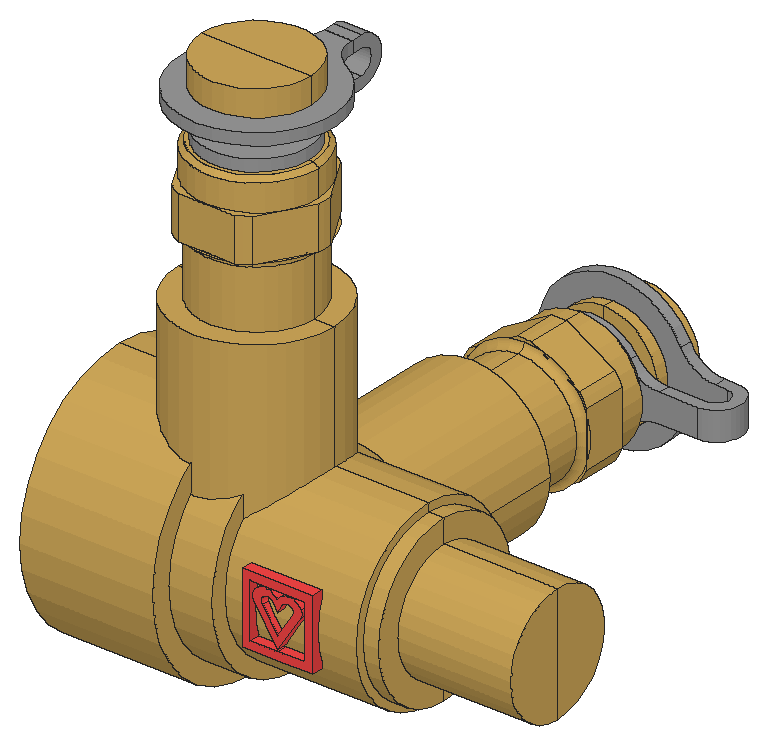
Revit family "HERZ измерительная диафрагма 4000", category Rohrzubehör, Revit 2020
Family settings
  Bemaßung runder Anschluss = Durchmesser verwenden
  Teiletyp = Unterbricht
  OmniClass-Nummer = 23.65.55.14
  OmniClass-Titel = Valves for Liquid Services
  Arbeitsebenenbasiert = Nein
  Immer vertikal = Ja
  Beim Laden mit Abzugskörper schneiden = Nein
  Gemeinsam genutzt = Nein
Parameters
  Среда = "Качество теплоносителя в соответствии с ÖNORM H5195 и VDI 2035.\r\nДопускается использование этилен- и пропиленгликоля в объемном соотношении 25-50 % с водой."
  Применение = "HERZ-измерительные диафрагмы устанавливаются на участках трубопроводов в системах отопления и холодоснабжения.\r\nИзмерительные диафрагмы могут устанавливаться как на подающей, так и на обратной линиях.\r\nОни устанавливаются либо вплотную к HERZ балансировочному клапану, образуя комплект, либо используются вместе с HERZ запорным клапаном.\r\nУчастки балансируются с помощью настроек балансировочного клапана при измерении потери давления на измерительной диафрагме."
  Номер заказа [instance] = size_lookup("4000_", "Artnr", 0, Nennweite)  # 1400001
  Мин. рабочая температура = -20 °C  # constant formula
  Макс. рабочее давление = 2000000.0 Pa  # constant formula
  Корпус = "латунь, CC770S"  # constant formula
  Исполнение = "Корпус измерительной диафрагмы выполнен из латуни, устойчивой к селективной цинковой коррозии.\r\nДва измерительных клапана встроены в диафрагму.\r\nСогласно EN 10226 на входе в диафрагму - муфта с внутренней резьба Rp и на выходе - наружная резьба R."
  kvs-значения [instance] = if(Nennweite = 15.00 mm, 2.2, if(Nennweite = 20.00 mm, 4.25, if(Nennweite = 25.00 mm, 8.6, if(Nennweite = 32.00 mm, 15.9, if(Nennweite = 40.00 mm, 23.7, if(Nennweite = 50.00 mm, 48, 0))))))  # 2.2
  Vorgabe-Ansicht = 0.00 mm
  URL = "www.herz-armaturen.ru"
  SCRNSEQ = "AWI;AWI_TYP=\"1001\";02"
  SCRNCODE = "02;01;02"  # constant formula
  S03 = 10.00 mm  # constant formula
  S02 [instance] = S01 - 10.00 mm  # 17.50 mm
  S01 [instance] = H01  # 27.50 mm
  R01 [instance] = size_lookup("4000_", "R1", 1.00 mm, Nennweite)  # 10.00 mm
  Nennweite [instance] = 15.00 mm
  Измерительные клапаны = "латунь, CW602N"  # constant formula
  Макс. рабочая температура (до DN32) = 130 °C  # constant formula
  Макс. рабочая температура (от DN40) = 110 °C  # constant formula
  LO01 [instance] = if(Nennweite = 15.00 mm, 30.00 mm, if(Nennweite = 20.00 mm, 32.00 mm, if(Nennweite = 25.00 mm, 37.00 mm, if(Nennweite = 32.00 mm, 42.00 mm, if(Nennweite = 40.00 mm, 42.00 mm, if(Nennweite = 50.00 mm, 45.00 mm, 0.00 mm))))))  # 30.00 mm
  L05 [instance] = size_lookup("4000_", "L5", 1.00 mm, Nennweite)  # 23.00 mm
  L04 [instance] = size_lookup("4000_", "L4", 1.00 mm, Nennweite)  # 16.50 mm
  L03 [instance] = size_lookup("4000_", "L3", 1.00 mm, Nennweite)  # 22.60 mm
  L02 [instance] = size_lookup("4000_", "L2", 1.00 mm, Nennweite)  # 17.00 mm
  L01 [instance] = size_lookup("4000_", "L1", 1.00 mm, Nennweite)  # 17.50 mm
  L00 [instance] = size_lookup("4000_", "L", 1.00 mm, Nennweite)  # 56.00 mm
  IG [instance] = Nennweite / 2  # 7.50 mm
  Hersteller = "HERZ Armaturen Ges.m.b.H."  # constant formula
  H01 [instance] = size_lookup("4000_", "H1", 1.00 mm, Nennweite)  # 27.50 mm
  GT1 [instance] = size_lookup("4000_", "GT1", 1.00 mm, Nennweite)  # 14.50 mm
  GT [instance] = size_lookup("4000_", "GT", 1.00 mm, Nennweite)  # 13.00 mm
  D04 [instance] = D03 - 1.00 mm  # 10.50 mm
  D03 [instance] = size_lookup("4000_", "D3", 1.00 mm, Nennweite)  # 11.50 mm
  D02 [instance] = size_lookup("4000_", "D2", 1.00 mm, Nennweite)  # 13.50 mm
  D01 [instance] = size_lookup("4000_", "D1", 1.00 mm, Nennweite)  # 16.00 mm
  AG [instance] = Nennweite / 2  # 7.50 mm
Reference planes
  plane 1 "Mitte (Vorne/hinten)": y = 0
  plane 2: z = 0
  plane 3 "Mitte (Links/rechts)": x = 0
Forms (mm)
  Revolve 1, solid, material "Messing, weicher Gelbton, geschweißt", detail levels fine
    sketch origin (0, 0, 0) x (1, 0, 0) y (0, 0, 1)
      loop
        line (-4.5, 0) -> (38.5, 0) -> (38.5, 7.5) -> (24, 7.5) -> (24, 10.5) -> (22, 10.5) -> (22, 11.5) -> (5.1, 11.5) -> (5.1, 13.5) -> (-0.5, 13.5) -> (-0.5, 16) -> (-17.5, 16) -> (-17.5, 7.5) -> (-4.5, 7.5) -> (-4.5, 0)
      axis (-17.5, 0) -> (38.5, 0)
    angle from 0 to 360
  Revolve 2, solid, material "Messing, weicher Gelbton, geschweißt", detail levels fine
    sketch origin (0, 0, 0) x (1, 0, 0) y (0, 0, 1)
      loop
        line (-10, 7.5) -> (0, 7.5) -> (0, 27.5) -> (-10, 27.5) -> (-10, 7.5)
      axis (0, 27.5) -> (0, 7.5)
    angle from 0 to 360
  Revolve 3, solid, material "Messing, weicher Gelbton, geschweißt", detail levels fine
    sketch origin (0, 0, 0) x (1, 0, 0) y (0, 1, 0)
      loop
        line (5.5, 7.5) -> (15.5, 7.5) -> (15.5, 27.5) -> (5.5, 27.5) -> (5.5, 7.5)
      axis (5.5, 27.5) -> (5.5, 7.5)
    angle from 0 to 360
Lines and regions (mm)
  model lines, detail levels coarse+medium
    curve 1: line (-17.5, 0, 0) -> (0.5, 0, 0)
    curve 2: line (10.5, 0, -27.5) -> (10.5, 0, 27.5)
    curve 3: line (20.5, 0, 17.5) -> (20.5, 0, -17.5)
    curve 4: line (20.5, 0, 0) -> (38.5, 0, 0)
    curve 5: line (0.5, 0, 17.5) -> (0.5, 0, -17.5)
    curve 6: line (-17.5, 0, 0) -> (0.5, 0, 0)
    curve 7: line (10.5, 27.5, 0) -> (10.5, -27.5, 0)
    curve 8: line (0.5, 17.5, 0) -> (0.5, -17.5, 0)
    curve 9: line (20.5, 17.5, 0) -> (20.5, -17.5, 0)
    curve 10: line (20.5, 0, 0) -> (38.5, 0, 0)
Dimensions and locks
  "L00": Revolve 1 sketch curve to Revolve 1 sketch curve
  "GT": Revolve 1 sketch curve to Revolve 1 sketch curve
  "L01": plane 3 "Mitte (Links/rechts)" to Revolve 1 sketch curve
  "GT1": Revolve 1 sketch curve to Revolve 1 sketch curve
  "L02": Revolve 1 sketch curve to Revolve 1 sketch curve
  "L03": Revolve 1 sketch curve to Revolve 1 sketch curve
  "L04": Revolve 1 sketch curve to Revolve 1 sketch curve
  "AG": Revolve 1 sketch curve to plane 2
  "IG": Revolve 1 sketch curve to plane 2
  "D01": Revolve 1 sketch curve to plane 2
  "D02": Revolve 1 sketch curve to plane 2
  "D03": Revolve 1 sketch curve to plane 2
  "D04": Revolve 1 sketch curve to plane 2
  "D03": nested 1 to plane 1 "Mitte (Vorne/hinten)"
  "LO01": Revolve 1 to nested 1
  "IG": Revolve 2 sketch curve to plane 2
  "H01": Revolve 2 sketch curve to plane 2
  "R01": plane 3 "Mitte (Links/rechts)" to Revolve 2 sketch curve
  "H01": nested 2 to plane 2
  "IG": plane 1 "Mitte (Vorne/hinten)" to Revolve 3 sketch curve
  "H01": plane 1 "Mitte (Vorne/hinten)" to Revolve 3 sketch curve
  "R01": Revolve 3 sketch curve to Revolve 3 sketch curve
  "L05": Revolve 1 to Revolve 3 sketch curve  (x2)
  "H01": plane 1 "Mitte (Vorne/hinten)" to nested 3
  "L05": Revolve 1 to nested 3
  "L01": Revolve 1 to nested 2
  "S01": curve 2 to curve 4 to curve 2
  "L00": curve 1 to curve 4
  "S02": curve 3 to curve 4 to curve 3
  "S03": curve 2 to curve 3
  "S03": curve 2 to curve 5
  equal spacing: curve 4, curve 2, curve 1
  "S02": curve 5 to curve 1 to curve 5
  "L01": plane 3 "Mitte (Links/rechts)" to curve 1
  "L00": curve 6 to curve 10
  equal spacing: curve 6, curve 7, curve 10
  "S03": curve 8 to curve 7 to curve 9
  "S02": curve 9 to curve 10 to curve 9
  "S02": curve 8 to curve 6 to curve 8
  "S01": curve 7 to curve 10 to curve 7
  "L01": curve 6 to plane 3 "Mitte (Links/rechts)"
  aligned and locked: level to plane 2
Automatic sketch dimensions
  curve 4 to level = 0.00 mm
  curve 1 to level = 0.00 mm
  plane 1 "Mitte (Vorne/hinten)" to curve 10 = 0.00 mm
  plane 1 "Mitte (Vorne/hinten)" to curve 6 = 0.00 mm
  Revolve 1 sketch curve to level = 0.00 mm  (x2)
  Revolve 1 sketch curve to Revolve 1 sketch curve = 1489.03 mm
  Revolve 1 sketch curve to Revolve 1 sketch curve = 1800.648 mm
  Revolve 2 sketch curve to plane 3 "Mitte (Links/rechts)" = 0.00 mm  (x2)
  Revolve 2 sketch curve to level = 366.045 mm
  Revolve 2 sketch curve to Revolve 2 sketch curve = 2186.815 mm
  Revolve 3 sketch curve to Revolve 3 sketch curve = 0.00 mm  (x2)
Nested families
  nested 1: "Herz-Logo-vorne" at (12.5, -11.5, 0) x (0, 1, 0) z (0, 0, 1), type "Herz-Logo-vorne", detail levels fine
  nested 2: "Messstutzen_Band_Eintritt_senkrecht_(oben)" at (0, 0, 18.5), type "Messstutzen_Band_Eintritt_senkrecht_(oben)", detail levels fine
    with Schutzkappe yes, Nennweite 0.00 mm, Gewicht 0.00 kg, Bestellnummer 0
  nested 3: "Messstutzen_Band_Austritt_waagrecht" at (5.5, 18.5, 0) x (0, -1, 0) z (0, 0, 1), type "Messstutzen_Band_Austritt_waagrecht", detail levels fine
    with Schutzkappe yes, Nennweite 0.00 mm, Gewicht 0.00 kg, Bestellnummer 0
Connectors
  piping at (-4.5, 0, 0), diameter 15, driven by "Nennweite"
    settings: on Revolve 1, index 1, connector inside diameter 609.6 mm, connector length 0.00 mm, flow factor 0, pipe flow 0.0 L/s, pressure drop 0.0 Pa, fitting loss kfactor 0, connector angle 0.00°, fixture units 0, engagement length 0.00 mm, angle of deflection 0.00°, flow configuration 0, flow direction 1, fitting loss method 0, system type 29, joint type 0, gender type 0, connector reference index -1, connector utility 0, adjustable connector no, is connector primary yes, connector description ""
  piping at (38.5, 0, 0), diameter 15, driven by "Nennweite"
    settings: on Revolve 1, index 2, connector inside diameter 609.6 mm, connector length 0.00 mm, flow factor 0, pipe flow 0.0 L/s, pressure drop 0.0 Pa, fitting loss kfactor 0, connector angle 0.00°, fixture units 0, engagement length 0.00 mm, angle of deflection 0.00°, flow configuration 0, flow direction 2, fitting loss method 0, system type 29, joint type 0, gender type 0, connector reference index -1, connector utility 0, adjustable connector no, is connector primary no, connector description ""
Definition of nested family "Herz-Logo-vorne"
  Parameters (values of type "Herz-Logo-vorne")
    Default Elevation = 0.00 mm
  Reference planes
    plane 1 "Mitte (Vorne/hinten)": y = 0
    plane 2: z = 0
    plane 3 "Mitte (Links/rechts)": x = 0
  Forms (mm)
    Extrusion 1, solid
      sketch origin (0.732, -0.018, 0.017) x (0, -1, 0) y (0, 0, 1)
        loop
          line (-0.018, -4.517) -> (4.482, -4.517) -> (4.482, 4.483) -> (-4.518, 4.483) -> (-4.518, -4.517) -> (-0.018, -4.517)
        loop
          line (-0.05, -3.48) -> (3.482, -3.48) -> (3.482, 3.483) -> (-3.518, 3.483) -> (-3.518, -3.48) -> (-0.05, -3.48)
        loop
          arc (-0.018, 2.383) -> (-1.543, 3.287) -> (-3.067, 2.383) r 1.738
          arc (-3.067, 2.383) -> (-3.191, 1.899) -> (-3.067, 1.415) r 1.009
          line (-3.067, 1.415) -> (-0.018, -3.281) -> (3.032, 1.415)
          arc (3.032, 1.415) -> (3.156, 1.899) -> (3.032, 2.383) r 1.009
          arc (3.032, 2.383) -> (1.507, 3.287) -> (-0.018, 2.383) r 1.738
        loop
          arc (1.885, 1.272) -> (2.005, 1.675) -> (1.885, 2.079) r 0.74
          arc (1.885, 2.079) -> (1.265, 2.416) -> (0.644, 2.079) r 0.74
          line (0.644, 2.079) -> (-0.018, 0.97) -> (-0.679, 2.079)
          arc (-0.679, 2.079) -> (-1.3, 2.416) -> (-1.921, 2.079) r 0.74
          arc (-1.921, 2.079) -> (-2.04, 1.675) -> (-1.921, 1.272) r 0.74
          line (-1.921, 1.272) -> (-0.018, -1.658) -> (1.885, 1.272)
      from 0 to 1.5
  Dimensions and locks
    aligned and locked: level to plane 2
Definition of nested family "Messstutzen_Band_Eintritt_senkrecht_(oben)"
  Parameters (values of type "Messstutzen_Band_Eintritt_senkrecht_(oben)")
    Default Elevation = 0.00 mm
    URL = "www.herz-armaturen.at"
    Schutzkappe [instance] = yes
    Nennweite [instance] = 0.00 mm
    Manufacturer = "Herz Armaturen GmbH"  # constant formula
    Gewicht [instance] = 0.00 kg
    Bestellnummer [instance] = 0
  Reference planes
    plane 1 "Mitte (Vorne/hinten)": y = 0
    plane 2: z = 0
    plane 3 "Mitte (Links/rechts)": x = 0
    plane 4 "Schlaufe 1": z = -27
    plane 5 "Schlaufe 2": z = -31.678
  Forms (mm)
    Revolve 1, solid, detail levels fine
      sketch origin (0, 0, 0) x (1, 0, 0) y (0, 0, 1)
        loop
          line (-7.4, 9) -> (-5.55, 9) -> (-5.55, 6)
          arc (-5.55, 6) -> (-5.626, 5.617) -> (-5.843, 5.293) r 1
          line (-5.843, 5.293) -> (-6.455, 4.681) -> (-6.455, 0.9) -> (-5.555, 0) -> (-2, 0) -> (-2, 17.5) -> (-8.4, 17.5)
          arc (-8.4, 17.5) -> (-7.693, 17.207) -> (-7.4, 16.5) r 1
          line (-7.4, 16.5) -> (-7.4, 9)
        loop
          line (-3.7, 27) -> (-7.3, 27) -> (-7.9, 26.4) -> (-7.9, 23) -> (-2, 23) -> (-2, 35.8) -> (-3.805, 35.8) -> (-4.415, 35.19) -> (-4.415, 30.863) -> (-3.7, 30.45) -> (-3.7, 27)
        axis (0, 0) -> (0, 35.8)
      angle from 0 to 360
    Extrusion 2, solid, detail levels fine
      sketch origin (0, 0, 17.5) x (0, 1, 0) y (-1, 0, 0)
        loop
          arc (-7.07, 5.156) -> (-7.578, 4.375) -> (-8, 3.544) r 8.75
          line (-8, 3.544) -> (-8, -3.544)
          arc (-8, -3.544) -> (-7.578, -4.375) -> (-7.07, -5.156) r 8.75
          line (-7.07, -5.156) -> (-0.93, -8.7)
          arc (-0.93, -8.7) -> (0, -8.75) -> (0.93, -8.7) r 8.75
          line (0.93, -8.7) -> (7.07, -5.156)
          arc (7.07, -5.156) -> (7.578, -4.375) -> (8, -3.544) r 8.75
          line (8, -3.544) -> (8, 3.544)
          arc (8, 3.544) -> (7.578, 4.375) -> (7.07, 5.156) r 8.75
          line (7.07, 5.156) -> (0.93, 8.7)
          arc (0.93, 8.7) -> (0, 8.75) -> (-0.93, 8.7) r 8.75
          line (-0.93, 8.7) -> (-7.07, 5.156)
      from 0 to 5.5
    Revolve 3, solid, visible <- "Schutzkappe", detail levels fine
      sketch origin (0, 0, 0) x (1, 0, 0) y (0, 0, 1)
        loop
          line (0, 35.878) -> (0, 36.678) -> (-7, 36.678) -> (-7, 33.378) -> (-6.1, 33.378) -> (-6.1, 31.678) -> (-6.9, 31.678) -> (-6.9, 30.178) -> (-4.415, 30.178) -> (-4.415, 35.268) -> (-3.805, 35.878) -> (0, 35.878)
        axis (0, 30.178) -> (0, 36.678)
      angle from 0 to 360
    Extrusion 4, solid, detail levels fine
      sketch origin (0, 0, 28.5) x (1, 0, 0) y (0, 1, 0)
        loop
          circle (0, 0) r 3.7
        loop
          arc (-3.906, 5.505) -> (0, -6.75) -> (3.906, 5.505) r 6.75
          arc (3.906, 5.505) -> (2.358, 7.288) -> (1.8, 9.582) r 5
          line (1.8, 9.582) -> (-1.8, 9.582)
          arc (-1.8, 9.582) -> (-2.358, 7.288) -> (-3.906, 5.505) r 5
      from 0 to -1.5
    Extrusion 5, solid, detail levels fine
      sketch origin (0, 0, 33.178) x (1, 0, 0) y (0, 1, 0)
        loop
          circle (0, 0) r 6.1
        loop
          arc (-4.495, 8.652) -> (0, -9.75) -> (4.495, 8.652) r 9.75
          arc (4.495, 8.652) -> (2.527, 10.493) -> (1.8, 13.089) r 5
          line (1.8, 13.089) -> (-1.8, 13.089)
          arc (-1.8, 13.089) -> (-2.527, 10.493) -> (-4.495, 8.652) r 5
      from 0 to -1.5
    Sweep 6, solid, detail levels fine
      path origin (0, 0, 0) x (0, 0, -1) y (0, -1, 0)
        loop
          line (-27.75, -9.582) -> (-27.75, -14.522)
          arc (-27.75, -14.522) -> (-30.089, -16.862) -> (-32.428, -14.522) r 2.339
          line (-32.428, -14.522) -> (-32.428, -13.089)
      profile origin (0, 12.052, 27.75) x (0, 0, 1) y (1, 0, 0)
        loop
          line (-0.75, -1.8) -> (0.75, -1.8) -> (0.75, 1.8) -> (-0.75, 1.8) -> (-0.75, -1.8)
  Dimensions and locks
    aligned and locked: level to plane 2
Definition of nested family "Messstutzen_Band_Austritt_waagrecht"
  Parameters (values of type "Messstutzen_Band_Austritt_waagrecht")
    Default Elevation = 0.00 mm
    URL = "www.herz-armaturen.at"
    Schutzkappe [instance] = yes
    Nennweite [instance] = 0.00 mm
    Manufacturer = "Herz Armaturen GmbH"  # constant formula
    Gewicht [instance] = 0.00 kg
    Bestellnummer [instance] = 0
  Reference planes
    plane 1 "Mitte (Vorne/hinten)": y = 0
    plane 2: z = 0
    plane 3 "Mitte (Links/rechts)": x = 0
  Forms (mm)
    Revolve 1, solid, detail levels fine
      sketch origin (0, 0, 0) x (0, 0, -1) y (1, 0, 0)
        loop
          line (-7.4, -9) -> (-7.4, -16.5)
          arc (-7.4, -16.5) -> (-7.693, -17.207) -> (-8.4, -17.5) r 1
          line (-8.4, -17.5) -> (-2, -17.5) -> (-2, 0) -> (-5.555, 0) -> (-6.455, -0.9) -> (-6.455, -4.681) -> (-5.843, -5.293)
          arc (-5.843, -5.293) -> (-5.626, -5.617) -> (-5.55, -6) r 1
          line (-5.55, -6) -> (-5.55, -9) -> (-7.4, -9)
        loop
          line (-3.7, -27) -> (-3.7, -30.45) -> (-4.415, -30.863) -> (-4.415, -35.19) -> (-3.805, -35.8) -> (-2, -35.8) -> (-2, -23) -> (-7.9, -23) -> (-7.9, -26.4) -> (-7.3, -27) -> (-3.7, -27)
        axis (0, 0) -> (0, -35.8)
      angle from 0 to 360
    Extrusion 2, solid, detail levels fine
      sketch origin (-17.5, 0, 0) x (0, 0, 1) y (0, 1, 0)
        loop
          line (5.156, -7.07) -> (8.7, -0.93)
          arc (8.7, -0.93) -> (8.75, 0) -> (8.7, 0.93) r 8.75
          line (8.7, 0.93) -> (5.156, 7.07)
          arc (5.156, 7.07) -> (4.375, 7.578) -> (3.544, 8) r 8.75
          line (3.544, 8) -> (-3.544, 8)
          arc (-3.544, 8) -> (-4.375, 7.578) -> (-5.156, 7.07) r 8.75
          line (-5.156, 7.07) -> (-8.7, 0.93)
          arc (-8.7, 0.93) -> (-8.75, 0) -> (-8.7, -0.93) r 8.75
          line (-8.7, -0.93) -> (-5.156, -7.07)
          arc (-5.156, -7.07) -> (-4.375, -7.578) -> (-3.544, -8) r 8.75
          line (-3.544, -8) -> (3.544, -8)
          arc (3.544, -8) -> (4.375, -7.578) -> (5.156, -7.07) r 8.75
      from 0 to 5.5
    Revolve 3, solid, visible <- "Schutzkappe", detail levels fine
      sketch origin (0, 0, 0) x (0, 0, -1) y (1, 0, 0)
        loop
          line (0, -35.878) -> (-3.805, -35.878) -> (-4.415, -35.268) -> (-4.415, -30.178) -> (-6.9, -30.178) -> (-6.9, -31.678) -> (-6.1, -31.678) -> (-6.1, -33.378) -> (-7, -33.378) -> (-7, -36.678) -> (0, -36.678) -> (0, -35.878)
        axis (0, -30.178) -> (0, -36.678)
      angle from 0 to 360
    Extrusion 4, solid, detail levels fine
      sketch origin (-27, 0, 0) x (0, 1, 0) y (0, 0, 1)
        loop
          circle (0, 0) r 3.7
        loop
          arc (5.505, 3.906) -> (-6.75, 0) -> (5.505, -3.906) r 6.75
          arc (5.505, -3.906) -> (7.288, -2.358) -> (9.582, -1.8) r 5
          line (9.582, -1.8) -> (9.582, 1.8)
          arc (9.582, 1.8) -> (7.288, 2.358) -> (5.505, 3.906) r 5
      from 0 to -1.5
    Extrusion 5, solid, detail levels fine
      sketch origin (-31.678, 0, 0) x (0, 1, 0) y (0, 0, 1)
        loop
          circle (0, 0) r 6.1
        loop
          arc (8.652, 4.495) -> (-9.75, 0) -> (8.652, -4.495) r 9.75
          arc (8.652, -4.495) -> (10.493, -2.527) -> (13.089, -1.8) r 5
          line (13.089, -1.8) -> (13.089, 1.8)
          arc (13.089, 1.8) -> (10.493, 2.527) -> (8.652, 4.495) r 5
      from 0 to -1.5
    Sweep 6, solid, detail levels fine
      path origin (0, 0, 0) x (0, -1, 0) y (1, 0, 0)
        loop
          line (-9.582, -27.75) -> (-14.522, -27.75)
          arc (-14.522, -27.75) -> (-16.862, -30.089) -> (-14.522, -32.428) r 2.339
          line (-14.522, -32.428) -> (-13.089, -32.428)
      profile origin (-27.75, 12.052, 0) x (-1, 0, 0) y (0, 0, 1)
        loop
          line (-0.75, 1.8) -> (-0.75, -1.8) -> (0.75, -1.8) -> (0.75, 1.8) -> (-0.75, 1.8)
  Cuts and joins
    joined: Extrusion 4, Extrusion 5, Sweep 6
  Dimensions and locks
    aligned and locked: level to plane 2
